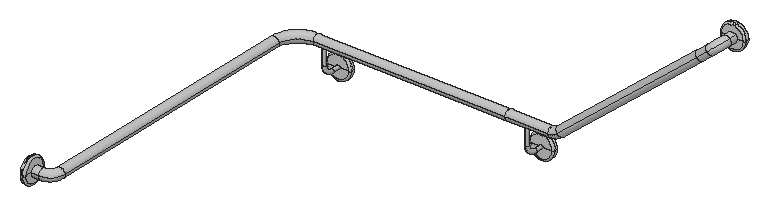
Revit family "rba-bim-rba4041-900", category Plumbing Fixtures, Revit 2016
Family settings
  Part Type = Normal
  Round Connector Dimension = Use Diameter
  Work Plane-Based = No
  Always vertical = Yes
  Cut with Voids When Loaded = No
  Shared = No
  Room Calculation Point = No
Parameters (values of type "RBA4041-900")
  Watermarked By = "www.rba.com.au"
  URL = "http://www.rba.com.au/accessible-disabled/grab-rails"
  Phone Number = "1300 788 778"
  OFFSET = 800.00 mm
  Modified Issue = "20190806.01"
  Model = "RBA4041-900"
  Materials and Finishes = Stainless Steel, Satin Finish
  Manufacturer Model = "B819438"
  Manufacturer = "Bobrick"
  Description = "40° Angled 2 Wall Grab Rail"
  Copyright by = "RBA Group"  # constant formula
  Assembly Code = ""
Reference planes
  plane 1 "Center (Front/Back)": y = 0
  plane 2: z = 0
  plane 3: x = 40.5
  plane 4: z = 800
  plane 5: x = 1526.731
  plane 6: y = -73
  plane 7: y = -57
  plane 8: y = -89
  plane 9: x = 97.5
  plane 10: x = 113.5
  plane 11: x = 129.5
  plane 12: z = 768
  plane 13: through (1537.016, -4572, 1221.401) normal (0.6428, 0, -0.766)
  plane 14: y = -1075
  plane 15: x = 990.5
  plane 16: z = 784
  plane 17: through (1568.968, -4572, 1183.321) normal (-0.766, 0, -0.6428)
  plane 18: through (1032.737, -4572, 733.37) normal (-0.766, 0, -0.6428)
Dimensions and locks
  "OFFSET": plane 4 to plane 2
  locked: plane 4 to nested 1 at 16
  aligned and locked: plane 1 "Center (Front/Back)" to nested 1
  aligned and locked: plane 3 to nested 1
Nested families
  nested 1: "rba-bim-rba4041-900" at (-100, 0, 784), type "RBA4041-900"
    with R_Void 15.00 mm, R 0.00 mm
Definition of nested family "rba-bim-rba4041-900"
  Parameters (values of type "RBA4041-900")
    Watermarked By = "www.rba.com.au"
    URL = "http://www.rba.com.au/accessible-disabled/grab-rails"
    R_Void [instance] = 15.00 mm
    R [instance] = 0.00 mm
    Phone Number = "1300 788 778"
    Model = "RBA4041-900"
    Manufacturers Model = "B819438"
    Manufacturer = "Bobrick"
    Description = "40° Angled 2 Wall Grab Rail"
    Copyrighted by = "RBA Group"  # constant formula
    BAR = none
    Assembly Code = ""
  Reference planes
    plane 1 "Center (Front/Back)": y = 0
    plane 2: z = 0
    plane 3: x = 140.5
    plane 4: y = -1075
    plane 5: y = -73
    plane 6: y = -73
    plane 7: z = -100
    plane 8: z = -130
    plane 9: z = -70
    plane 10: x = 345.5
    plane 11: x = 285.5
    plane 12: z = -130
    plane 13: z = -70
    plane 14: x = 1020.5
    plane 15: x = 960.5
    plane 16: x = 315.5
    plane 17: x = 990.5
    plane 18: z = 419.658
    plane 19: z = 479.658
    plane 20: x = 1656.731
    plane 21: x = 1596.731
    plane 22: z = -30
    plane 23: z = 30
    plane 24: y = -1045
    plane 25: y = -1105
    plane 26: x = 1626.731
    plane 27: z = 449.658
    plane 28: through (1626.731, -4572, 449.658) normal (0.766, 0, 0.6428)
    plane 29: x = 1090.5
    plane 30: through (1568.512, -4572, 400.806) normal (0.6428, 0, -0.766)
    plane 31: through (1090.5, -4572, -0.294) normal (0.766, 0, 0.6428)
    plane 32: z = -75.459
  Forms (mm)
    Extrusion 1, solid
      sketch origin (143.128, -1075, 315.907) x (0, 0, -1) y (0, -1, 0)
        loop
          circle (315.907, 0) r 40
      from -0.219 to 2.628
    Revolve 2, solid
      sketch origin (121.837, -1075, 0) x (1, 0, 0) y (0, 1, 0)
        loop
          line (18.663, 0) -> (33.701, 0) -> (32.842, 36.617)
          arc (32.842, 36.617) -> (31.337, 40.077) -> (27.844, 41.5) r 5
          line (27.844, 41.5) -> (18.663, 41.5) -> (18.663, 0)
        axis (18.663, 0) -> (33.701, 0)
      angle from 0 to 360
    Sweep 3, solid
      path origin (131.046, -1075, 0) x (1, 0, 0) y (0, 1, 0)
        loop
          line (12.302, 0) -> (50.454, 0)
          arc (50.454, 0) -> (73.082, 9.373) -> (82.454, 32) r 32
          line (82.454, 32) -> (82.454, 922)
          arc (82.454, 922) -> (105.886, 978.569) -> (162.454, 1002) r 80
          line (162.454, 1002) -> (799.454, 1002)
      profile origin (162.424, -1075, 0) x (0, 1, 0) y (0, 0, 1)
        loop
          circle (0, 0) r 16
    Extrusion 4, solid
      sketch origin (315.5, -2.628, 215.907) x (0, 0, -1) y (-1, 0, 0)
        loop
          circle (315.907, 0) r 40
      from -0.219 to 2.628
    Revolve 5, solid
      sketch origin (315.5, 18.663, -100) x (0, -1, 0) y (1, 0, 0)
        loop
          line (18.663, 0) -> (18.663, -41.5) -> (27.844, -41.5)
          arc (27.844, -41.5) -> (31.337, -40.077) -> (32.842, -36.617) r 5
          line (32.842, -36.617) -> (33.701, 0) -> (18.663, 0)
        axis (18.663, 0) -> (33.701, 0)
      angle from 0 to 360
    Sweep 6, solid
      path origin (315.5, 9.454, -100) x (0, -1, 0) y (0, 0, -1)
        loop
          line (12.302, 0) -> (50.454, 0)
          arc (50.454, 0) -> (73.082, -9.373) -> (82.454, -32) r 32
          line (82.454, -32) -> (82.454, -100)
      profile origin (315.5, -21.924, -100) x (0, 0, -1) y (1, 0, 0)
        loop
          circle (0, 0) r 6
    Extrusion 7, void
      sketch origin (315.5, 34.941, 215.907) x (0, 0, -1) y (-1, 0, 0)
        loop
          circle (315.907, -30) r 5
        loop
          circle (315.907, 30) r 5
      from -37.788 to -30
    Extrusion 8, solid
      sketch origin (990.5, -2.628, 215.907) x (0, 0, -1) y (-1, 0, 0)
        loop
          circle (315.907, 0) r 40
      from -0.219 to 2.628
    Revolve 9, solid
      sketch origin (990.5, 18.663, -100) x (0, -1, 0) y (1, 0, 0)
        loop
          line (18.663, 0) -> (18.663, -41.5) -> (27.844, -41.5)
          arc (27.844, -41.5) -> (31.337, -40.077) -> (32.842, -36.617) r 5
          line (32.842, -36.617) -> (33.701, 0) -> (18.663, 0)
        axis (18.663, 0) -> (33.701, 0)
      angle from 0 to 360
    Sweep 10, solid
      path origin (990.5, 9.454, -100) x (0, -1, 0) y (0, 0, -1)
        loop
          line (12.302, 0) -> (50.454, 0)
          arc (50.454, 0) -> (73.082, -9.373) -> (82.454, -32) r 32
          line (82.454, -32) -> (82.454, -100)
      profile origin (990.5, -21.924, -100) x (0, 0, -1) y (1, 0, 0)
        loop
          circle (0, 0) r 6
    Extrusion 11, void
      sketch origin (990.5, 34.941, 215.907) x (0, 0, -1) y (-1, 0, 0)
        loop
          circle (315.907, -30) r 5
        loop
          circle (315.907, 30) r 5
      from -37.788 to -30
    Extrusion 12, solid
      sketch origin (1626.731, -2.628, 765.565) x (0, 0, -1) y (-1, 0, 0)
        loop
          circle (315.907, 0) r 40
      from -0.219 to 2.628
    Sweep 13, solid
      path origin (2012.404, 9.454, -9.969) x (0, -1, 0) y (0.766044, 0, 0.642788)
        loop
          line (12.638, 0) -> (50.454, 0)
          arc (50.454, 0) -> (73.082, -9.373) -> (82.454, -32) r 32
          line (82.454, -32) -> (82.454, -76)
      profile origin (2012.404, -22.092, -9.969) x (0.766044, 0, 0.642788) y (-0.642788, 0, 0.766044)
        loop
          circle (0, 600) r 16
    Revolve 14, solid
      sketch origin (1626.731, 18.663, 449.658) x (0, -1, 0) y (1, 0, 0)
        loop
          line (18.663, 0) -> (18.663, -41.5) -> (27.844, -41.5)
          arc (27.844, -41.5) -> (31.337, -40.077) -> (32.842, -36.617) r 5
          line (32.842, -36.617) -> (33.701, 0) -> (18.663, 0)
        axis (18.663, 0) -> (33.701, 0)
      angle from 0 to 360
    Extrusion 15, void
      sketch origin (1626.731, 34.941, 765.565) x (0, 0, -1) y (-1, 0, 0)
        loop
          circle (315.907, -30) r 5
        loop
          circle (315.907, 30) r 5
      from -37.788 to -30
    Sweep 16, solid
      path origin (81, 0, 0) x (-1, 0, 0) y (0, 0, -1)
        loop
          line (-849.5, 0) -> (-992.379, 0)
          arc (-992.379, 0) -> (-1008.796, -2.895) -> (-1023.233, -11.23) r 48
          line (-1023.233, -11.23) -> (-1487.512, -400.806)
      profile origin (1001.94, 0, 0) x (0, 0, 1) y (0, -1, 0)
        loop
          circle (0, 73) r 16
    Extrusion 17, void
      sketch origin (105.559, -1075, 315.907) x (0, 0, -1) y (0, -1, 0)
        loop
          circle (315.907, -30) r 5
        loop
          circle (315.907, 30) r 5
      from -37.788 to -30
  Cuts and joins
    Extrusion 7 cuts Extrusion 4
    Extrusion 17 cuts Revolve 2
    Extrusion 7 cuts Revolve 5
    Extrusion 11 cuts Revolve 9
    Extrusion 15, Extrusion 17 cuts Revolve 14
    joined: Revolve 2, Sweep 3, Revolve 5, Sweep 6, Revolve 9, Sweep 10, Sweep 13, Revolve 14, Sweep 16
    Extrusion 11 cuts Extrusion 8
    Extrusion 15, Extrusion 17 cuts Extrusion 12
    Extrusion 17 cuts Extrusion 1
  Dimensions and locks
    plane 4 to plane 1 "Center (Front/Back)" = 1075.00 mm
    plane 2 to plane 7 = 100.00 mm
    plane 1 "Center (Front/Back)" to plane 4 = 1075.00 mm
    Revolve 2 sketch curve to Revolve 2 sketch curve = 41.50 mm
    Revolve 5 sketch curve to Revolve 5 sketch curve = 41.50 mm
    plane 9 to plane 8 = 60.00 mm
    plane 11 to plane 10 = 60.00 mm
    Revolve 9 sketch curve to Revolve 9 sketch curve = 41.50 mm
    plane 13 to plane 12 = 60.00 mm
    plane 15 to plane 14 = 60.00 mm
    Revolve 14 sketch curve to Revolve 14 sketch curve = 41.50 mm
    plane 19 to plane 18 = 60.00 mm
    plane 21 to plane 20 = 60.00 mm
    plane 23 to plane 22 = 60.00 mm
    plane 25 to plane 24 = 60.00 mm
    plane 28 to plane 31 = 700.00 mm
    plane 16 to plane 3 = 175.00 mm
    plane 29 to plane 3 = 950.00 mm
    radius of Extrusion 1 sketch curve = 40.00 mm
    radius of Sweep 3 sketch curve = 16.00 mm
    radius of Extrusion 4 sketch curve = 40.00 mm
    radius of Sweep 6 sketch curve = 6.00 mm
    radius of Extrusion 8 sketch curve = 40.00 mm
    radius of Sweep 10 sketch curve = 6.00 mm
    radius of Extrusion 12 sketch curve = 40.00 mm
    radius of Sweep 13 sketch curve = 16.00 mm
    angle level to plane 30 = 40.00°
    angle level to Sweep 16 sketch curve = 40.00°
    angle plane 32 to Sweep 13 sketch curve = 40.00°
    aligned and locked: Extrusion 1 to Revolve 2
    aligned and locked: Revolve 5 to Extrusion 4
    aligned and locked: Revolve 9 to Extrusion 8
